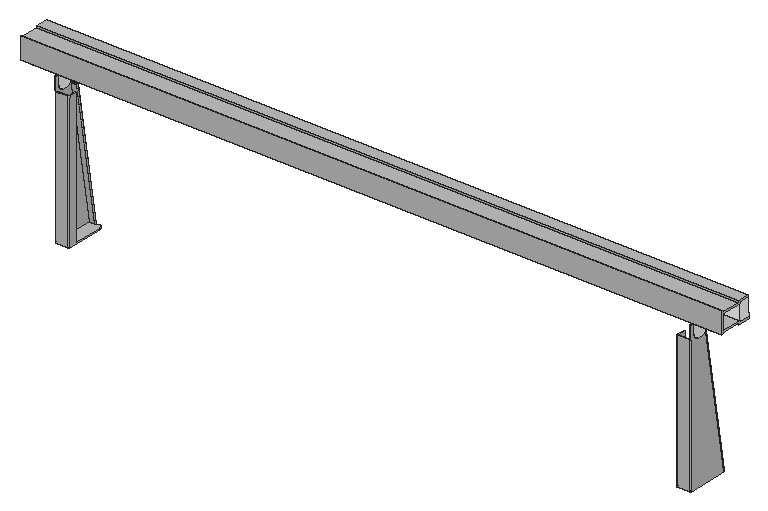
Revit family "4070764+4070746+4070772 Feilo Sylvania Lighting Fixture CURSUS 1161MM 731LM WIDE LED 3K with CONTINUOUS WALL HOUSING with 250MM WALL BRACKET", category Lighting Fixtures, host Face, Revit 2017
Family settings
  Host = Face
  Round Connector Dimension = Use Diameter
  Part Type = Normal
  OmniClass Number = 23.80.70.14
  OmniClass Title = Luminaries for External Lighting
  Cut with Voids When Loaded = Yes
  Light Source = No
  Shared = No
  Room Calculation Point = No
Parameters (values of type "4070764 CURSUS 1161MM 731LM WIDE LED 3K")
  Weight = "2.2 kg"
  Wattage Comments = "n/a"
  WarrantyStartDate [instance] = "n/a"
  WarrantyGuarantorParts = "n/a"
  WarrantyDurationUnit = "n/a"
  WarrantyDurationParts = "n/a"
  WarrantyDescription = "n/a"
  Voltage = 230 V
  URL = "http://www.sylvania-lighting.com"
  TypeName = "CURSUS 1161MM 731LM WIDE LED 3K"
  TypeFixture_FEILO = CURSUS with CONTINUOUS WALL HOUSING : CURSUS 1161MM 731LM WIDE LED 3K
  Type Image = <None>
  Type Comments = "n/a"
  TiltAngle [instance] = 0.00°
  StartAngle [instance] = TiltAngle + 270.00°  # 270.00°
  SerialNumber [instance] = "n/a"
  ReflectorMaterial = none
  PowerFactor = 0
  PowerConsumption = "18 W"
  NominalLength = 1161 mm
  NominalHeight = 50 mm
  NominalDepth = 30 mm
  Name = "CURSUS 1161MM 731LM WIDE LED 3K"
  ModelReference = Name  # "CURSUS 1161MM 731LM WIDE LED 3K"
  ModelNumber = "4070764"
  Model = Name  # "CURSUS 1161MM 731LM WIDE LED 3K"
  Material = "natural anodised extruded aluminium structure housing"
  ManufacturerName = "Feilo Sylvania"
  Manufacturer = "Feilo Sylvania"
  LuminousEfficacy = "40.61 lm/W"
  LuminaireType = ""
  LightOutputRatio = "100"
  LampsType = Lamp  # "LED"
  LampNominalLuminous = "731 lm"
  LampMacAdamStep = "n/a"
  LampColourTemperature = "3000 K"
  LampColourRenderingIndex = "80"
  Lamp = "LED"
  Keynote = "16500"
  InstallationDate [instance] = "n/a"
  InputVoltage = "220-240V~"
  InputNominalFrequency = "n/a"
  IngressProtection = "IP67"
  ImpactProtectionIndex = "IK07"
  IfcExportType = "IfcLightFixtureType"
  IfcExportAs = "IfcLightFixtureType"
  ExpectedLife = 50000
  EndAngle [instance] = StartAngle - 180.00°  # 90.00°
  ElectricShockClassification = "Class III"
  DurationUnit = "hours"
  DocumentationLiterature = "http://www.sylvania-lighting.com/product/en-int/products/4070764"
  DimmingControlOptions = "n/a"
  DiffuserMaterial = Diffuser-Sylvania-Glow
  Description = "LED Exterior Lighting Recessed Surface Mounted Linear Fixture, Natural anodised extruded aluminium structure. Die-cast aluminium end caps. Installation kit with harmonic steel springs., 731 lm, 18W, 40lm/W, 3000K, CRI80+,non dimmable,IP67, IK07, (HxWxD) 1161x50x30mm, 3 step Mac Adam Ellipse, 2.2kg,, Classe III, 21-25V-DC, energy class : A++, A+, A"
  Default Elevation = 1219.2 mm
  CreatedOn = "1/8/2018"
  CreatedBy = ""
  Cost = 0
  built-in parameter 1114216 [instance] = (empty or 0)
  ClassificationValue = "EF_70_80"
  ClassificationName = "Uniclass2015"
  BracketWidth = 24 mm
  BracketThickness = 2 mm
  BracketHeightEnd = 32 mm
  BracketHeight = 70 mm
  BracketFlange = BracketHeight / 5  # 14 mm
  BracketExtension = 250 mm
  BracketEndReduction = 25 mm
  BracketC = 22 mm  # constant formula
  BracketDistance = 1030 mm
  BracketD = BracketHeightEnd - (BracketC * (BracketHeight - BracketHeightEnd) / (BracketExtension - BracketEndReduction))  # 28.284 mm
  BodyMaterial = Body-Sylvania-Gray
  BarCode [instance] = "n/a"
  AssetType = "Fixed"
  AssetIdentifier [instance] = "n/a"
  Assembly Code = "D5020200"
  Apparent Load = 18 VA
  AccessoryMaterial = Diffuser-Sylvania-Glow
Reference planes
  plane 1 "Center (Front/Back)": y = 0
  plane 2: z = 0
  plane 3 "Center (Left/Right)": x = 0
  plane 4: x = -527
  plane 5: x = 527
  plane 6: y = 70
  plane 7: x = -503
  plane 8: x = 503
  plane 9: z = 250
  plane 10: z = 236
  plane 11: z = 2
  plane 12: z = 225
  plane 13: x = -525
  plane 14: y = 68
  plane 15: y = 2
  plane 16: x = -505
  plane 17: x = 505
  plane 18: x = 525
  plane 19: x = -515
  plane 20: x = 515
  plane 21: y = 14
  plane 22: y = 32
  plane 23: y = 30
  plane 24: z = 247
  plane 25: y = 28.284
  plane 26: y = 16
Forms (mm)
  Blend 1, solid, material "Body-Sylvania-Gray" <- "BodyMaterial"
    base sketch origin (1223.4, -4572, 2) x (0, -1, 0) y (1, 0, 0)
      loop
        line (-4640, -1738.4) -> (-4642, -1738.4) -> (-4642, -1748.4)
        arc (-4642, -1748.4) -> (-4641.414, -1749.814) -> (-4640, -1750.4) r 2
        line (-4640, -1750.4) -> (-4574, -1750.4)
        arc (-4574, -1750.4) -> (-4572.586, -1749.814) -> (-4572, -1748.4) r 2
        line (-4572, -1748.4) -> (-4572, -1728.4)
        arc (-4572, -1728.4) -> (-4572.586, -1726.986) -> (-4574, -1726.4) r 2
        line (-4574, -1726.4) -> (-4586, -1726.4) -> (-4586, -1728.4) -> (-4574, -1728.4) -> (-4574, -1748.4) -> (-4640, -1748.4) -> (-4640, -1738.4)
    top sketch origin (1223.4, -4572, 2) x (0, -1, 0) y (1, 0, 0)
      loop
        line (-4586, -1728.4) -> (-4574, -1728.4) -> (-4574, -1748.4) -> (-4602, -1748.4) -> (-4602, -1738.4) -> (-4604, -1738.4) -> (-4604, -1748.4)
        arc (-4604, -1748.4) -> (-4603.52, -1749.71) -> (-4602.309, -1750.4) r 2.028
        line (-4602.309, -1750.4) -> (-4574, -1750.4)
        arc (-4574, -1750.4) -> (-4572.586, -1749.814) -> (-4572, -1748.4) r 2
        line (-4572, -1748.4) -> (-4572, -1728.4)
        arc (-4572, -1728.4) -> (-4572.586, -1726.986) -> (-4574, -1726.4) r 2
        line (-4574, -1726.4) -> (-4586, -1726.4) -> (-4586, -1728.4)
    from 0 to 223
  Extrusion 2, solid, material "Body-Sylvania-Gray" <- "BodyMaterial"
    sketch origin (0, 0, 0) x (1, 0, 0) y (0, 1, 0)
      loop
        arc (-525, 70) -> (-526.414, 69.414) -> (-527, 68) r 2
        line (-527, 68) -> (-527, 2)
        arc (-527, 2) -> (-526.414, 0.586) -> (-525, 0) r 2
        line (-525, 0) -> (-505, 0)
        arc (-505, 0) -> (-503.586, 0.586) -> (-503, 2) r 2
        line (-503, 2) -> (-503, 62.5)
        arc (-503, 62.5) -> (-505.197, 67.803) -> (-510.5, 70) r 7.5
        line (-510.5, 70) -> (-525, 70)
      loop
        line (525, 70) -> (510.5, 70)
        arc (510.5, 70) -> (505.197, 67.803) -> (503, 62.5) r 7.5
        line (503, 62.5) -> (503, 2)
        arc (503, 2) -> (503.586, 0.586) -> (505, 0) r 2
        line (505, 0) -> (525, 0)
        arc (525, 0) -> (526.414, 0.586) -> (527, 2) r 2
        line (527, 2) -> (527, 68)
        arc (527, 68) -> (526.414, 69.414) -> (525, 70) r 2
    from 0 to 2
  Blend 3, solid, material "Body-Sylvania-Gray" <- "BodyMaterial"
    base sketch origin (1223.4, -4572, 2) x (0, -1, 0) y (1, 0, 0)
      loop
        line (-4640, -698.4) -> (-4574, -698.4) -> (-4574, -718.4) -> (-4586, -718.4) -> (-4586, -720.4) -> (-4574, -720.4)
        arc (-4574, -720.4) -> (-4572.586, -719.814) -> (-4572, -718.4) r 2
        line (-4572, -718.4) -> (-4572, -698.4)
        arc (-4572, -698.4) -> (-4572.586, -696.986) -> (-4574, -696.4) r 2
        line (-4574, -696.4) -> (-4640, -696.4)
        arc (-4640, -696.4) -> (-4641.414, -696.986) -> (-4642, -698.4) r 2
        line (-4642, -698.4) -> (-4642, -708.4) -> (-4640, -708.4) -> (-4640, -698.4)
    top sketch origin (1223.4, -4572, 2) x (0, -1, 0) y (1, 0, 0)
      loop
        line (-4602, -708.4) -> (-4602, -698.4) -> (-4574, -698.4) -> (-4574, -718.4) -> (-4586, -718.4) -> (-4586, -720.4) -> (-4574, -720.4)
        arc (-4574, -720.4) -> (-4572.586, -719.814) -> (-4572, -718.4) r 2
        line (-4572, -718.4) -> (-4572, -698.4)
        arc (-4572, -698.4) -> (-4572.586, -696.986) -> (-4574, -696.4) r 2
        line (-4574, -696.4) -> (-4602, -696.4)
        arc (-4602, -696.4) -> (-4603.414, -696.986) -> (-4604, -698.4) r 2
        line (-4604, -698.4) -> (-4604, -708.4) -> (-4602, -708.4)
    from 0 to 223
  Blend 4, solid, material "Body-Sylvania-Gray" <- "BodyMaterial"
    base sketch origin (1223.4, -4572, 225) x (0, -1, 0) y (1, 0, 0)
      loop
        line (-4604, -1750.4) -> (-4572, -1750.4) -> (-4572, -1748.4) -> (-4604, -1748.4) -> (-4604, -1750.4)
    top sketch origin (1223.4, -4572, 225) x (0, -1, 0) y (1, 0, 0)
      loop
        line (-4572, -1750.4) -> (-4572, -1748.4) -> (-4600.284, -1748.4) -> (-4600.284, -1750.4) -> (-4572, -1750.4)
    from 0 to 22
  Blend 5, solid, material "Body-Sylvania-Gray" <- "BodyMaterial"
    base sketch origin (1223.4, -4572, 225) x (0, -1, 0) y (1, 0, 0)
      loop
        line (-4604, -698.4) -> (-4572, -698.4) -> (-4572, -696.4) -> (-4604, -696.4) -> (-4604, -698.4)
    top sketch origin (1223.4, -4572, 225) x (0, -1, 0) y (1, 0, 0)
      loop
        line (-4572, -696.4) -> (-4600.284, -696.4) -> (-4600.284, -698.4) -> (-4572, -698.4) -> (-4572, -696.4)
    from 0 to 22
  Extrusion 6, void
    sketch origin (0, 0, 0) x (0, 1, 0) y (0, 0, 1)
      loop
        line (0, 225) -> (2, 225) -> (2, 226.5) -> (0, 226.5) -> (0, 225)
      loop
        line (32, 225) -> (32, 226.5) -> (30, 226.5) -> (30, 225) -> (32, 225)
    from -527 to 527
  Revolve 7, solid, not visible
    sketch origin (1524, 16, 1219.2) x (1, 0, 0) y (0, 0, 1)
      loop
        line (-1524, -972.2) -> (-1524, -983.2) -> (-1009, -983.2) -> (-1009, -972.2) -> (-1524, -972.2)
      axis (-1009, -983.2) -> (-1524, -983.2)
    angle from 270 <- "StartAngle" to 90 <- "EndAngle"
Cuts and joins
  Extrusion 6 cuts Blend 4
  Extrusion 6 cuts Blend 5
  joined: Blend 1, Extrusion 2, Blend 3, Blend 4, Blend 5
Lines and regions (mm)
  reference lines, not visible
    curve 1: line (-503, 16, 236) -> (503, 16, 236)
Dimensions and locks
  equal spacing: plane 4, plane 3 "Center (Left/Right)", plane 5
  "BracketDistance": plane 19 to plane 20
  "BracketHeight": plane 1 "Center (Front/Back)" to plane 6
  equal spacing: plane 7, plane 3 "Center (Left/Right)", plane 8
  "BracketWidth": plane 4 to plane 7
  "BracketExtension": plane 9 to plane 2
  "BracketThickness": plane 11 to plane 2
  "BracketEndReduction": plane 9 to plane 12
  equal spacing: plane 13, plane 3 "Center (Left/Right)", plane 18
  equal spacing: plane 16, plane 3 "Center (Left/Right)", plane 17
  "BracketThickness": plane 4 to plane 13
  "BracketThickness": plane 16 to plane 7
  "BracketThickness": plane 14 to plane 6
  "BracketThickness": plane 1 "Center (Front/Back)" to plane 15
  equal spacing: plane 4, plane 19, plane 7
  equal spacing: plane 8, plane 20, plane 5
  "BracketFlange": plane 1 "Center (Front/Back)" to plane 21
  "BracketHeightEnd": plane 1 "Center (Front/Back)" to plane 22
  "BracketThickness": plane 23 to plane 22
  locked: Extrusion 2 sketch curve to plane 7 at 7.5
  locked: Extrusion 2 sketch curve to plane 6 at 7.5  (x2)
  locked: plane 8 to Extrusion 2 sketch curve at 7.5
  "BracketC": plane 24 to plane 12
  "BracketD": plane 1 "Center (Front/Back)" to plane 25
  locked: plane 12 to Extrusion 6 sketch curve at 1.5
  equal spacing: plane 24, plane 10, plane 12
  equal spacing: plane 1 "Center (Front/Back)", plane 26, plane 22
  aligned and locked: plane 2 to host face
  aligned and locked: level to host face
  aligned and locked: plane 4 to Blend 1 sketch curve  (x2)
  aligned and locked: plane 13 to Blend 1 sketch curve  (x3)
  aligned and locked: Blend 1 sketch curve to plane 15
  aligned and locked: Blend 1 sketch curve to plane 16
  aligned and locked: Blend 1 sketch curve to plane 21
  aligned and locked: plane 7 to Blend 1 sketch curve
  aligned and locked: plane 16 to Blend 1 sketch curve
  aligned and locked: plane 1 "Center (Front/Back)" to Blend 1 sketch curve
  aligned and locked: plane 14 to Blend 1 sketch curve
  aligned and locked: Blend 1 sketch curve to var sketch  (x6)
  aligned and locked: Blend 1 sketch curve to plane 19
  aligned and locked: Blend 1 sketch curve to plane 22
  aligned and locked: plane 23 to Blend 1 sketch curve
  aligned and locked: plane 11 to Blend 1
  aligned and locked: Extrusion 2 sketch curve to Blend 1  (x3)
  aligned and locked: Extrusion 2 to level
  aligned and locked: Extrusion 2 to plane 11
  aligned and locked: Extrusion 2 sketch curve to plane 7
  aligned and locked: plane 18 to Blend 3 sketch curve  (x4)
  aligned and locked: plane 14 to Blend 3 sketch curve  (x2)
  aligned and locked: Blend 3 sketch curve to plane 20
  aligned and locked: Blend 3 sketch curve to plane 6
  aligned and locked: plane 5 to Blend 3 sketch curve
  aligned and locked: plane 1 "Center (Front/Back)" to Blend 3 sketch curve
  aligned and locked: plane 15 to Blend 3 sketch curve  (x2)
  aligned and locked: Blend 3 sketch curve to plane 8
  aligned and locked: Blend 3 sketch curve to plane 21
  aligned and locked: plane 17 to Blend 3 sketch curve
  aligned and locked: Blend 3 sketch curve to plane 18
  aligned and locked: plane 20 to Blend 3 sketch curve  (x2)
  aligned and locked: Blend 3 sketch curve to plane 23
  aligned and locked: Blend 3 sketch curve to var sketch  (x8)
  aligned and locked: var sketch to Blend 3 sketch curve
  aligned and locked: plane 22 to Blend 3 sketch curve
  aligned and locked: plane 11 to Blend 3
  aligned and locked: Extrusion 2 sketch curve to Blend 3  (x4)
  aligned and locked: Blend 1 to plane 12
  aligned and locked: Blend 3 to plane 12
  aligned and locked: Blend 4 sketch curve to plane 22
  aligned and locked: Blend 4 sketch curve to cut or joined group of Blend 1, Extrusion 2, Blend 3, Blend 4, Blend 5, Extrusion 6  (x2)
  aligned and locked: cut or joined group of Blend 1, Extrusion 2, Blend 3, Blend 4, Blend 5, Extrusion 6 to Blend 4 sketch curve
  aligned and locked: Blend 4 sketch curve to var sketch  (x2)
  aligned and locked: Blend 4 sketch curve to plane 13
  aligned and locked: Blend 4 to plane 24
  aligned and locked: Blend 4 sketch curve to plane 25
  aligned and locked: Blend 5 sketch curve to plane 18  (x2)
  aligned and locked: plane 1 "Center (Front/Back)" to Blend 5 sketch curve
  aligned and locked: plane 5 to Blend 5 sketch curve
  aligned and locked: plane 22 to Blend 5 sketch curve
  aligned and locked: Blend 5 sketch curve to var sketch
  aligned and locked: var sketch to Blend 5 sketch curve
  aligned and locked: Blend 5 sketch curve to plane 25
  aligned and locked: Blend 5 to plane 24
  aligned and locked: plane 12 to Blend 5
  aligned and locked: Extrusion 6 sketch curve to cut or joined group of Blend 1, Extrusion 2, Blend 3, Blend 4, Blend 5, Extrusion 6  (x2)
  aligned and locked: Extrusion 6 sketch curve to Extrusion 6 sketch curve
  aligned and locked: Extrusion 6 sketch curve to plane 15
  aligned and locked: plane 5 to Extrusion 6
  aligned and locked: Extrusion 6 to plane 4
  aligned and locked: Extrusion 6 sketch curve to plane 23
  aligned and locked: Revolve 7 sketch curve to plane 10  (x2)
  aligned and locked: plane 24 to Revolve 7 sketch curve
  aligned and locked: plane 3 "Center (Left/Right)" to Revolve 7 sketch curve
  aligned and locked: Revolve 7 sketch curve to plane 20
  aligned and locked: plane 7 to curve 1
  aligned and locked: plane 10 to curve 1
  aligned and locked: nested 1 to plane 5
  aligned and locked: nested 2 to plane 4
  aligned and locked: nested 1 to curve 1
  aligned and locked: nested 2 to curve 1
  aligned and locked: nested 3 to plane 3 "Center (Left/Right)"
  aligned and locked: nested 1 to nested 3
Automatic sketch dimensions
  host sketch curve to host sketch curve = 2438.4 mm  (x2)
  Blend 1 sketch curve to plane 13 = 0 mm
  plane 15 to Blend 1 sketch curve = 0 mm  (x3)
  Blend 1 sketch curve to plane 23 = 0.309 mm
  plane 6 to Blend 1 sketch curve = 0 mm
  plane 14 to Blend 1 sketch curve = 0 mm
  Blend 1 sketch curve to plane 19 = 0 mm
  Blend 3 sketch curve to plane 17 = 0 mm
  Extrusion 6 sketch curve to plane 1 "Center (Front/Back)" = 0 mm
  plane 12 to Extrusion 6 sketch curve = 0 mm
  Revolve 7 sketch curve to plane 4 = 1153 mm
  plane 5 to Revolve 7 sketch curve = 1161.4 mm
  curve 1 to plane 8 = 0 mm
Nested families
  nested 1: "MountingPlate" at (526, 16, 236) x (-1, 0, 0) z (0, 0, 1), type "MountingPlate"
  nested 2: "MountingPlate" at (-526, 16, 236) x (-1, 0, 0) z (0, 0, 1), type "MountingPlate"
  nested 3: "CURSUS with CONTINUOUS WALL HOUSING" at (0, -4, 254) x (-1, 0, 0) z (0, 0, 1), type <- "TypeFixture_FEILO", type "CURSUS 1161MM 731LM WIDE LED 3K"
    with WarrantyStartDate "n/a", SerialNumber "n/a", InstallationDate "n/a", EndCapRight no, EndCapLeft no, built-in parameter 1114216 (empty or 0), BarCode "n/a", AssetIdentifier "n/a"
Connectors
  electrical at (0, 0, 0), driven by "Voltage", driven by "Apparent Load", driven by "PowerFactor"
    settings: index 1, voltage 230 V, apparent load 18 VA, apparent load phase1 0 VA, apparent load phase2 0 VA, apparent load phase3 0 VA, power factor 0, load classification "Other", number of poles 1, system type 30, power factor state 1, is connector primary yes, connector utility no, sub classification motor no, connector description ""
Definition of nested family "MountingPlate"
  Parameters (values of type "MountingPlate")
    URL = "http://www.feilosylvania.com"
    Type Comments = "n/a"
    ReflectorMaterial = none
    MountingPlateWidth = 76 mm
    MountingPlateThickness = 2 mm
    MountingPlateRadiusBack = 12 mm
    MountingPlateRadius = 3 mm
    MountingPlateHeight = 35 mm
    Model = "n/a"
    Manufacturer = "Feilo Sylvania"
    Keynote = "n/a"
    DiffuserMaterial = none
    Description = "n/a"
    Default Elevation = 1219.2 mm
    Cost = 0
    BodyMaterial = none
    Assembly Code = "n/a"
    AccessoryMaterial = none
  Reference planes
    plane 1 "Center (Front/Back)": y = 0
    plane 2: z = 0
    plane 3 "Center (Left/Right)": x = 0
    plane 4: x = -38
    plane 5: x = 38
    plane 6: y = 17.5
    plane 7: y = -17.5
    plane 8: x = -3
    plane 9: x = 3
    plane 10: z = 18
    plane 11: z = 16
    plane 12: y = 12.5
    plane 13: y = -12.5
    plane 14: x = -1
    plane 15: x = 1
    plane 16: z = -12.5
    plane 17: z = -14.5
  Forms (mm)
    Extrusion 1, solid
      sketch origin (1.653, 0, 0) x (1, 0, 0) y (0, 1, 0)
        loop
          line (-1219.2, 1219.2) -> (-1219.2, -1219.2) -> (1219.2, -1219.2) -> (1219.2, 1219.2) -> (-1219.2, 1219.2)
      from 0 to -304.8
    Extrusion 2, solid, material <- "BodyMaterial"
      sketch origin (1218.4, -4572, 16) x (0, -1, 0) y (-1, 0, 0)
        loop
          line (-4589.5, 1253.4) -> (-4589.5, 1224.4)
          arc (-4589.5, 1224.4) -> (-4588.621, 1222.279) -> (-4586.5, 1221.4) r 3
          line (-4586.5, 1221.4) -> (-4557.5, 1221.4)
          arc (-4557.5, 1221.4) -> (-4555.379, 1222.279) -> (-4554.5, 1224.4) r 3
          line (-4554.5, 1224.4) -> (-4554.5, 1253.4)
          arc (-4554.5, 1253.4) -> (-4555.379, 1255.521) -> (-4557.5, 1256.4) r 3
          line (-4557.5, 1256.4) -> (-4586.5, 1256.4)
          arc (-4586.5, 1256.4) -> (-4588.621, 1255.521) -> (-4589.5, 1253.4) r 3
        loop
          arc (-4589.5, 1183.4) -> (-4588.621, 1181.279) -> (-4586.5, 1180.4) r 3
          line (-4586.5, 1180.4) -> (-4557.5, 1180.4)
          arc (-4557.5, 1180.4) -> (-4555.379, 1181.279) -> (-4554.5, 1183.4) r 3
          line (-4554.5, 1183.4) -> (-4554.5, 1212.4)
          arc (-4554.5, 1212.4) -> (-4555.379, 1214.521) -> (-4557.5, 1215.4) r 3
          line (-4557.5, 1215.4) -> (-4586.5, 1215.4)
          arc (-4586.5, 1215.4) -> (-4588.621, 1214.521) -> (-4589.5, 1212.4) r 3
          line (-4589.5, 1212.4) -> (-4589.5, 1183.4)
      from 0 to -2
    Extrusion 3, solid, material <- "BodyMaterial"
      sketch origin (0, 0, 0) x (1, 0, 0) y (0, 0, 1)
        loop
          line (-3, 18) -> (-3, -12.5) -> (-1, -12.5) -> (-1, 16)
          arc (-1, 16) -> (-1.586, 17.414) -> (-3, 18) r 2
        loop
          line (3, -12.5) -> (3, 18)
          arc (3, 18) -> (1.586, 17.414) -> (1, 16) r 2
          line (1, 16) -> (1, -12.5) -> (3, -12.5)
      from -12.5 to 12.5
    Extrusion 4, void
      sketch origin (0, 0, 0) x (0, 1, 0) y (0, 0, 1)
        loop
          line (-12.5, -0.5) -> (-17.5, -0.5) -> (-17.5, -14.5) -> (-0.5, -14.5) -> (-0.5, -12.5)
          arc (-0.5, -12.5) -> (-8.985, -8.985) -> (-12.5, -0.5) r 12
        loop
          line (0.5, -12.5) -> (0.5, -14.5) -> (17.5, -14.5) -> (17.5, -0.5) -> (12.5, -0.5)
          arc (12.5, -0.5) -> (8.985, -8.985) -> (0.5, -12.5) r 12
      from -3 to 3
  Cuts and joins
    Extrusion 4 cuts Extrusion 2
    Extrusion 4 cuts Extrusion 3
    joined: Extrusion 2, Extrusion 3
  Lines and regions (mm)
    reference lines
      curve 1: line (-38, 0, 0) -> (38, 0, 0)
  Dimensions and locks
    equal spacing: plane 4, plane 3 "Center (Left/Right)", plane 5
    "MountingPlateWidth": plane 4 to plane 5
    equal spacing: plane 7, plane 1 "Center (Front/Back)", plane 6
    "MountingPlateHeight": plane 7 to plane 6
    equal spacing: plane 8, plane 3 "Center (Left/Right)", plane 9
    "MountingPlateHeight": plane 4 to plane 8
    locked: plane 10 to plane 2 at 18
    "MountingPlateThickness": plane 10 to plane 11
    equal spacing: plane 13, plane 1 "Center (Front/Back)", plane 12
    locked: plane 13 to plane 12 at 25
    "MountingPlateRadius": plane 4 to Extrusion 2 sketch curve  (x2)
    "MountingPlateRadius": Extrusion 2 sketch curve to plane 6  (x4)
    "MountingPlateRadius": Extrusion 2 sketch curve to plane 8  (x2)
    "MountingPlateRadius": plane 7 to Extrusion 2 sketch curve  (x4)
    "MountingPlateRadius": plane 9 to Extrusion 2 sketch curve  (x2)
    "MountingPlateRadius": Extrusion 2 sketch curve to plane 5  (x2)
    equal spacing: plane 15, plane 3 "Center (Left/Right)", plane 14
    "MountingPlateThickness": plane 14 to plane 8
    locked: plane 2 to plane 16 at 12.5
    locked: plane 17 to plane 16 at 2
    "MountingPlateRadiusBack": plane 13 to Extrusion 4 sketch curve
    "MountingPlateRadiusBack": plane 16 to Extrusion 4 sketch curve  (x2)
    "MountingPlateRadiusBack": Extrusion 4 sketch curve to plane 12
    aligned and locked: plane 2 to Extrusion 1
    aligned and locked: level to Extrusion 1
    aligned and locked: Extrusion 2 sketch curve to plane 6
    aligned and locked: Extrusion 2 sketch curve to plane 4
    aligned and locked: plane 7 to Extrusion 2 sketch curve
    aligned and locked: plane 8 to Extrusion 2 sketch curve
    aligned and locked: plane 6 to Extrusion 2 sketch curve
    aligned and locked: Extrusion 2 sketch curve to plane 5
    aligned and locked: Extrusion 2 sketch curve to plane 7
    aligned and locked: plane 9 to Extrusion 2 sketch curve
    aligned and locked: Extrusion 2 to plane 10
    aligned and locked: plane 11 to Extrusion 2
    aligned and locked: Extrusion 3 sketch curve to Extrusion 2  (x2)
    aligned and locked: plane 16 to Extrusion 3 sketch curve  (x2)
    aligned and locked: plane 14 to Extrusion 3 sketch curve
    aligned and locked: plane 9 to Extrusion 3 sketch curve
    aligned and locked: plane 15 to Extrusion 3 sketch curve
    aligned and locked: Extrusion 3 to plane 12
    aligned and locked: plane 13 to Extrusion 3
    aligned and locked: plane 17 to Extrusion 4 sketch curve  (x2)
    aligned and locked: Extrusion 4 sketch curve to plane 7
    aligned and locked: Extrusion 4 sketch curve to plane 6
    aligned and locked: plane 9 to Extrusion 4
    aligned and locked: Extrusion 4 to plane 8
    aligned and locked: plane 4 to curve 1
    aligned and locked: curve 1 to level
  Automatic sketch dimensions
    Extrusion 1 sketch curve to Extrusion 1 sketch curve = 2438.4 mm  (x2)
    Extrusion 3 sketch curve to plane 11 = 0 mm
    curve 1 to plane 5 = 0 mm
    Extrusion 4 sketch curve to plane 13 = 0 mm
    Extrusion 4 sketch curve to plane 12 = 0 mm
Definition of nested family "CURSUS with CONTINUOUS WALL HOUSING"
  Parameters (values of type "CURSUS 1161MM 827LM OVAL LED 3K")
    Width_FEILO = 35 mm
    Weight = "2.2 kg"
    Wattage Comments = "n/a"
    Wattage = 18 W
    WarrantyStartDate [instance] = "n/a"
    WarrantyGuarantorParts = "n/a"
    WarrantyDurationUnit = "n/a"
    WarrantyDurationParts = "n/a"
    WarrantyDescription = "n/a"
    WallThickness_FEILO = 2.5 mm
    built-in parameter 1150110 = 1 (stored number, unit not read)
    Voltage = 24 V
    URL = "http://www.feilosylvania.com"
    TypeName = "CURSUS 1161MM 827LM OVAL LED 3K"
    Type Image = (empty or 0)
    Type Comments = "n/a"
    built-in parameter 1114217 = 1 (stored number, unit not read)
    Tilt Angle = -90.00°
    built-in parameter 1150109 = 1 (stored number, unit not read)
    built-in parameter 1150134 = (empty or 0)
    built-in parameter 1150113 = 1 (stored number, unit not read)
    SerialNumber [instance] = "n/a"
    ReflectorMaterial = none
    PowerFactor = 0
    PowerConsumption = "18 W"
    Photometric Web File = "4070765.ies"
    NominalLength = 1161 mm
    NominalHeight = 50 mm
    NominalDepth = 30 mm
    Name = "CURSUS 1161MM 827LM OVAL LED 3K"
    ModelReference = Name  # "CURSUS 1161MM 827LM OVAL LED 3K"
    ModelNumber = ""
    Model = Name  # "CURSUS 1161MM 827LM OVAL LED 3K"
    Material = "natural anodised extruded aluminium structure housing, optical system with pmma lenses diffuser"
    ManufacturerName = "Feilo Sylvania"
    Manufacturer = "Feilo Sylvania"
    LuminousEfficacy = "45.94 lm/W"
    built-in parameter 1150105 = 65.811 (stored number, unit not read)
    Lumens = 827 lm
    LuminaireType = ""
    built-in parameter 1150115 = 1 (stored number, unit not read)
    LightOutputRatio = "100"
    built-in parameter 1150137 = (empty or 0)
    built-in parameter 1150139 = (empty or 0)
    Length_FEILO = 1167 mm
    LampsType = Lamp  # "LED"
    LampNominalLuminous = "827 lm"
    LampMacAdamStep = "n/a"
    LampColourTemperature = "3000 K"
    LampColourRenderingIndex = "80"
    built-in parameter 1150112 = 1 (stored number, unit not read)
    built-in parameter 1150114 = 1 (stored number, unit not read)
    Lamp = "LED"
    Keynote = "16500"
    InstallationDate [instance] = "n/a"
    InputVoltage = "24V DC"
    InputNominalFrequency = "n/a"
    built-in parameter 1150132 = (empty or 0)
    built-in parameter 1150102 = (empty or 0)
    built-in parameter 1150107 = 3000 (stored number, unit not read)
    built-in parameter 1150138 = (empty or 0)
    IngressProtection = "IP67"
    ImpactProtectionIndex = "IK07"
    built-in parameter 1150106 = 0.65811 (stored number, unit not read)
    IfcExportType = "IfcLightFixtureType"
    IfcExportAs = "IfcLightFixtureType"
    ExpectedLife = 50000
    EndCapRight [instance] = no
    EndCapLeft [instance] = no
    Emit from Rectangle Width = Width_FEILO - WallThickness_FEILO * 2  # 30 mm
    Emit from Rectangle Length = Length_FEILO - WallThickness_FEILO * 2  # 1162 mm
    Emit Shape Visible in Rendering = no
    ElectricShockClassification = "Class III"
    built-in parameter 1150104 = 4.2684 (stored number, unit not read)
    DurationUnit = "hours"
    DocumentationLiterature = "http://www.feilosylvania.com/product/en-int/products/4070765"
    DimmingControlOptions = "n/a"
    Dimming Lamp Color Temperature Shift = (empty or 0)
    DiffuserMaterial = none
    Description = "LED Exterior Lighting Recessed Surface Mounted Linear Fixture, Natural anodised extruded aluminium structure. Die-cast aluminium end caps. Installation kit with harmonic steel springs., 827 lm, 18W, 45lm/W, 3000K, CRI80+,non dimmable,IP67, IK07, (HxWxD) 1161x50x30mm, 3 step Mac Adam Ellipse, 2.2kg,, Classe III, 21-25V-DC, energy class : A++, A+, A"
    Default Elevation = 1219.2 mm
    CreatedOn = "1/8/2018"
    CreatedBy = "aron.fodor@feilosylvania.com"
    Cost = 0
    Color Filter = 16777215
    built-in parameter 1114216 [instance] = (empty or 0)
    ClassificationValue = "EF_70_80"
    ClassificationName = "Uniclass2015"
    BodyMaterial = none
    BarCode [instance] = "n/a"
    built-in parameter 1114218 = 1 (stored number, unit not read)
    built-in parameter 1150133 = 10 (stored number, unit not read)
    AssetType = "Fixed"
    AssetIdentifier [instance] = "n/a"
    Assembly Code = "D5020200"
    Apparent Load = 18 VA
    AccessoryMaterial = none
  Types (16, lengths in mm): name | Weight | Wattage | Voltage | TypeName | built-in parameter 1150134 | PowerConsumption | Photometric Web File | NominalLength | Name | ModelReference | Model | Material | LuminousEfficacy | built-in parameter 1150105 | Lumens | Length_FEILO | LampNominalLuminous | LampColourTemperature | InputVoltage | InputNominalFrequency | built-in parameter 1150107 | built-in parameter 1150106 | Emit from Rectangle Length | built-in parameter 1150104 | DocumentationLiterature | Description | Apparent Load
    CURSUS 1161MM 827LM OVAL LED 3K | "2.2 kg" | 18 W | 24 V | "CURSUS 1161MM 827LM OVAL LED 3K" | (empty or 0) | "18 W" | "4070765.ies" | 1161 | "CURSUS 1161MM 827LM OVAL LED 3K" | "CURSUS 1161MM 827LM OVAL LED 3K" | "CURSUS 1161MM 827LM OVAL LED 3K" | "natural anodised extruded aluminium structure housing, optical system with pmma lenses diffuser" | "45.94 lm/W" | 65.811 (stored number, unit not read) | 827 lm | 1167 | "827 lm" | "3000 K" | "24V DC" | "n/a" | 3000 (stored number, unit not read) | 0.65811 (stored number, unit not read) | 1162 | 4.2684 (stored number, unit not read) | "http://www.feilosylvania.com/product/en-int/products/4070765" | "LED Exterior Lighting Recessed Surface Mounted Linear Fixture, Natural anodised extruded aluminium structure. Die-cast aluminium end caps. Installation kit with harmonic steel springs., 827 lm, 18W, 45lm/W, 3000K, CRI80+,non dimmable,IP67, IK07, (HxWxD) 1161x50x30mm, 3 step Mac Adam Ellipse, 2.2kg,, Classe III, 21-25V-DC, energy class : A++, A+, A" | 18 VA
    CURSUS 1161MM 731LM WIDE LED 3K | "2.2 kg" | 18 W | 230 V | "CURSUS 1161MM 731LM WIDE LED 3K" | (empty or 0) | "18 W" | "4070764.ies" | 1161 | "CURSUS 1161MM 731LM WIDE LED 3K" | "CURSUS 1161MM 731LM WIDE LED 3K" | "CURSUS 1161MM 731LM WIDE LED 3K" | "natural anodised extruded aluminium structure housing" | "40.61 lm/W" | 58.171 (stored number, unit not read) | 731 lm | 1167 | "731 lm" | "3000 K" | "220-240V~" | "n/a" | 3000 (stored number, unit not read) | 0.58171 (stored number, unit not read) | 1162 | 3.7729 (stored number, unit not read) | "http://www.feilosylvania.com/product/en-int/products/4070764" | "LED Exterior Lighting Recessed Surface Mounted Linear Fixture, Natural anodised extruded aluminium structure. Die-cast aluminium end caps. Installation kit with harmonic steel springs., 731 lm, 18W, 40lm/W, 3000K, CRI80+,non dimmable,IP67, IK07, (HxWxD) 1161x50x30mm, 3 step Mac Adam Ellipse, 2.2kg,, Classe III, 21-25V-DC, energy class : A++, A+, A" | 18 VA
    CURSUS 1161MM 871LM OVAL LED 4K | "2.2 kg" | 18 W | 24 V | "CURSUS 1161MM 871LM OVAL LED 4K" | 12 | "18 W" | "4070763.ies" | 1161 | "CURSUS 1161MM 871LM OVAL LED 4K" | "CURSUS 1161MM 871LM OVAL LED 4K" | "CURSUS 1161MM 871LM OVAL LED 4K" | "natural anodised extruded aluminium structure housing, optical system with pmma lenses diffuser" | "48.38 lm/W" | 69.312 (stored number, unit not read) | 871 lm | 1167 | "871 lm" | "4000 K" | "24V DC" | "50/60 Hz" | 4000 (stored number, unit not read) | 0.69312 (stored number, unit not read) | 1162 | 4.4955 (stored number, unit not read) | "http://www.feilosylvania.com/product/en-int/products/4070763" | "LED Exterior Lighting Recessed Surface Mounted Linear Fixture, Natural anodised extruded aluminium structure. Die-cast aluminium end caps. Installation kit with harmonic steel springs., 871 lm, 18W,  48lm/W, 4000K, CRI80+,non dimmable,IP67, IK07, (HxWxD) 1161x50x30mm, 3 step Mac Adam Ellipse, 2.2kg,, Classe III, 21-25V-DC, energy class : A++, A+, A" | 18 VA
    CURSUS 1161MM 770LM WIDE LED 4K | "2.2 kg" | 18 W | 230 V | "CURSUS 1161MM 770LM WIDE LED 4K" | 12 | "18 W" | "4070762.ies" | 1161 | "CURSUS 1161MM 770LM WIDE LED 4K" | "CURSUS 1161MM 770LM WIDE LED 4K" | "CURSUS 1161MM 770LM WIDE LED 4K" | "natural anodised extruded aluminium structure housing" | "42.77 lm/W" | 61.275 (stored number, unit not read) | 770 lm | 1167 | "770 lm" | "4000 K" | "220-240V~" | "n/a" | 4000 (stored number, unit not read) | 0.61275 (stored number, unit not read) | 1162 | 3.9742 (stored number, unit not read) | "http://www.feilosylvania.com/product/en-int/products/4070762" | "LED Exterior Lighting Recessed Surface Mounted Linear Fixture, Natural anodised extruded aluminium structure. Die-cast aluminium end caps. Installation kit with harmonic steel springs., 770 lm, 18W,  42lm/W, 4000K, CRI80+,non dimmable,IP67, IK07, (HxWxD) 1161x50x30mm, 3 step Mac Adam Ellipse, 2.2kg,, Classe III, 21-25V-DC, energy class : A++, A+, A" | 18 VA
    CURSUS 876MM 620LM OVAL LED 3K | "1.7 kg" | 13.5 W | 24 V | "CURSUS 876MM 620LM OVAL LED 3K" | (empty or 0) | "13.5 W" | "4070758.ies" | 876 | "CURSUS 876MM 620LM OVAL LED 3K" | "CURSUS 876MM 620LM OVAL LED 3K" | "CURSUS 876MM 620LM OVAL LED 3K" | "natural anodised extruded aluminium structure housing, optical system with pmma lenses diffuser" | "45.92 lm/W" | 49.338 (stored number, unit not read) | 620 lm | 882 | "620 lm" | "3000 K" | "24V DC" | "50/60 Hz" | 3000 (stored number, unit not read) | 0.49338 (stored number, unit not read) | 877 | 4.2667 (stored number, unit not read) | "http://www.feilosylvania.com/product/en-int/products/4070758" | "LED Exterior Lighting Recessed Surface Mounted Linear Fixture, Natural anodised extruded aluminium structure. Die-cast aluminium end caps. Installation kit with harmonic steel springs., 620 lm, 13,5W, 45lm/W, 3000K, CRI80+,non dimmable,IP67, IK07, (HxWxD) 876x50x30mm, 3 step Mac Adam Ellipse, 1.7kg,, Classe III, 21-25V-DC, energy class : A++, A+, A" | 13.5 VA
    CURSUS 876MM 548LM WIDE LED 3K | "1.7 kg" | 13.5 W | 24 V | "CURSUS 876MM 548LM WIDE LED 3K" | (empty or 0) | "13.5 W" | "4070757.ies" | 876 | "CURSUS 876MM 548LM WIDE LED 3K" | "CURSUS 876MM 548LM WIDE LED 3K" | "CURSUS 876MM 548LM WIDE LED 3K" | "natural anodised extruded aluminium structure housing" | "40.59 lm/W" | 43.608 (stored number, unit not read) | 548 lm | 882 | "548 lm" | "3000 K" | "24V DC" | "n/a" | 3000 (stored number, unit not read) | 0.43608 (stored number, unit not read) | 877 | 3.7712 (stored number, unit not read) | "http://www.feilosylvania.com/product/en-int/products/4070757" | "LED Exterior Lighting Recessed Surface Mounted Linear Fixture, Natural anodised extruded aluminium structure. Die-cast aluminium end caps. Installation kit with harmonic steel springs., 548 lm, 13,5W, 40lm/W, 3000K, CRI80+,non dimmable,IP67, IK07, (HxWxD) 876x50x30mm, 3 step Mac Adam Ellipse, 1.7kg,, Classe III, 21-25V-DC, energy class : A++, A+, A" | 13.5 VA
    CURSUS 876MM 653LM OVAL LED 4K | "1.7 kg" | 13.5 W | 24 V | "CURSUS 876MM 653LM OVAL LED 4K" | 12 | "13.5 W" | "4070756.ies" | 876 | "CURSUS 876MM 653LM OVAL LED 4K" | "CURSUS 876MM 653LM OVAL LED 4K" | "CURSUS 876MM 653LM OVAL LED 4K" | "natural anodised extruded aluminium structure housing, optical system with pmma lenses diffuser" | "48.37 lm/W" | 51.964 (stored number, unit not read) | 653 lm | 882 | "653 lm" | "4000 K" | "24V DC" | "n/a" | 4000 (stored number, unit not read) | 0.51964 (stored number, unit not read) | 877 | 4.4938 (stored number, unit not read) | "http://www.feilosylvania.com/product/en-int/products/4070756" | "LED Exterior Lighting Recessed Surface Mounted Linear Fixture, Natural anodised extruded aluminium structure. Die-cast aluminium end caps. Installation kit with harmonic steel springs., 653 lm, 13,5W,  48lm/W, 4000K, CRI80+,non dimmable,IP67, IK07, (HxWxD) 876x50x30mm, 3 step Mac Adam Ellipse, 1.7kg,, Classe III, 21-25V-DC, energy class : A++, A+, A" | 13.5 VA
    CURSUS 876MM 577LM WIDE LED 4K | "1.7 kg" | 13.5 W | 24 V | "CURSUS 876MM 577LM WIDE LED 4K" | 12 | "13.5 W" | "4070755.ies" | 876 | "CURSUS 876MM 577LM WIDE LED 4K" | "CURSUS 876MM 577LM WIDE LED 4K" | "CURSUS 876MM 577LM WIDE LED 4K" | "natural anodised extruded aluminium structure housing" | "42.74 lm/W" | 45.916 (stored number, unit not read) | 577 lm | 882 | "577 lm" | "4000 K" | "24V DC" | "n/a" | 4000 (stored number, unit not read) | 0.45916 (stored number, unit not read) | 877 | 3.9707 (stored number, unit not read) | "http://www.feilosylvania.com/product/en-int/products/4070755" | "LED Exterior Lighting Recessed Surface Mounted Linear Fixture, Natural anodised extruded aluminium structure. Die-cast aluminium end caps. Installation kit with harmonic steel springs., 577 lm, 13,5W,  42lm/W, 4000K, CRI80+,non dimmable,IP67, IK07, (HxWxD) 876x50x30mm, 3 step Mac Adam Ellipse, 1.7kg,, Classe III, 21-25V-DC, energy class : A++, A+, A" | 13.5 VA
    CURSUS 591MM 414LM OVAL LED 3K | "1.2 kg" | 9 W | 24 V | "CURSUS 591MM 414LM OVAL LED 3K" | (empty or 0) | "9 W" | "4070751.ies" | 591 | "CURSUS 591MM 414LM OVAL LED 3K" | "CURSUS 591MM 414LM OVAL LED 3K" | "CURSUS 591MM 414LM OVAL LED 3K" | "natural anodised extruded aluminium structure housing, optical system with pmma lenses diffuser" | "46 lm/W" | 32.945 (stored number, unit not read) | 414 lm | 597 | "414 lm" | "3000 K" | "24V DC" | "n/a" | 3000 (stored number, unit not read) | 0.32945 (stored number, unit not read) | 592 | 4.2735 (stored number, unit not read) | "http://www.feilosylvania.com/product/en-int/products/4070751" | "LED Exterior Lighting Recessed Surface Mounted Linear Fixture, Natural anodised extruded aluminium structure. Die-cast aluminium end caps. Installation kit with harmonic steel springs., 414 lm, 9W, 46lm/W, 3000K, CRI80+,non dimmable,IP67, IK07, (HxWxD) 591x50x30mm, 3 step Mac Adam Ellipse, 1.2kg,, Classe III, 21-25V-DC, energy class : A++, A+, A" | 9 VA
    CURSUS 591MM 365LM WIDE LED 3K | "1.2 kg" | 9 W | 24 V | "CURSUS 591MM 365LM WIDE LED 3K" | (empty or 0) | "9 W" | "4070750.ies" | 591 | "CURSUS 591MM 365LM WIDE LED 3K" | "CURSUS 591MM 365LM WIDE LED 3K" | "CURSUS 591MM 365LM WIDE LED 3K" | "natural anodised extruded aluminium structure housing" | "40.55 lm/W" | 29.046 (stored number, unit not read) | 365 lm | 597 | "365 lm" | "3000 K" | "24V DC" | "n/a" | 3000 (stored number, unit not read) | 0.29046 (stored number, unit not read) | 592 | 3.7677 (stored number, unit not read) | "http://www.feilosylvania.com/product/en-int/products/4070750" | "LED Exterior Lighting Recessed Surface Mounted Linear Fixture, Natural anodised extruded aluminium structure. Die-cast aluminium end caps. Installation kit with harmonic steel springs., 365 lm, 9W, 40lm/W, 3000K, CRI80+,non dimmable,IP67, IK07, (HxWxD) 591x50x30mm, 3 step Mac Adam Ellipse, 1.2kg,, Classe III, 21-25V-DC, energy class : A++, A+, A" | 9 VA
    CURSUS 591MM 435LM OVAL LED 4K | "1.2 kg" | 9 W | 24 V | "CURSUS 591MM 435LM OVAL LED 4K" | 12 | "9 W" | "4070749.ies" | 591 | "CURSUS 591MM 435LM OVAL LED 4K" | "CURSUS 591MM 435LM OVAL LED 4K" | "CURSUS 591MM 435LM OVAL LED 4K" | "natural anodised extruded aluminium structure housing, optical system with pmma lenses diffuser" | "48.33 lm/W" | 34.616 (stored number, unit not read) | 435 lm | 597 | "435 lm" | "4000 K" | "24V DC" | "n/a" | 4000 (stored number, unit not read) | 0.34616 (stored number, unit not read) | 592 | 4.4903 (stored number, unit not read) | "http://www.feilosylvania.com/product/en-int/products/4070749" | "LED Exterior Lighting Recessed Surface Mounted Linear Fixture, Natural anodised extruded aluminium structure. Die-cast aluminium end caps. Installation kit with harmonic steel springs., 435 lm, 9W, 48lm/W, 4000K, CRI80+,non dimmable,IP67, IK07, (HxWxD) 591x50x30mm, 3 step Mac Adam Ellipse, 1.2kg,, Classe III, 21-25V-DC, energy class : A++, A+, A" | 9 VA
    CURSUS 591MM 385LM WIDE LED 4K | "1.2 kg" | 9 W | 24 V | "CURSUS 591MM 385LM WIDE LED 4K" | 12 | "9 W" | "4070748.ies" | 591 | "CURSUS 591MM 385LM WIDE LED 4K" | "CURSUS 591MM 385LM WIDE LED 4K" | "CURSUS 591MM 385LM WIDE LED 4K" | "natural anodised extruded aluminium structure housing" | "42.77 lm/W" | 30.637 (stored number, unit not read) | 385 lm | 597 | "385 lm" | "4000 K" | "24V DC" | "n/a" | 4000 (stored number, unit not read) | 0.30637 (stored number, unit not read) | 592 | 3.9742 (stored number, unit not read) | "http://www.feilosylvania.com/product/en-int/products/4070748" | "LED Exterior Lighting Recessed Surface Mounted Linear Fixture, Natural anodised extruded aluminium structure. Die-cast aluminium end caps. Installation kit with harmonic steel springs., 385 lm, 9W,  42lm/W, 4000K, CRI80+,non dimmable,IP67, IK07, (HxWxD) 591x50x30mm, 3 step Mac Adam Ellipse, 1.2kg,, Classe III, 21-25V-DC, energy class : A++, A+, A" | 9 VA
    CURSUS 306MM 207LM OVAL LED3K | "0.6 kg" | 4.5 W | 24 V | "CURSUS 306MM 207LM OVAL LED3K" | (empty or 0) | "4.5 W" | "4070744.ies" | 306 | "CURSUS 306MM 207LM OVAL LED3K" | "CURSUS 306MM 207LM OVAL LED3K" | "CURSUS 306MM 207LM OVAL LED3K" | "natural anodised extruded aluminium structure housing, optical system with pmma lenses diffuser" | "46 lm/W" | 16.473 (stored number, unit not read) | 207 lm | 312 | "207 lm" | "3000 K" | "24V DC" | "n/a" | 3000 (stored number, unit not read) | 0.16473 (stored number, unit not read) | 307 | 4.2735 (stored number, unit not read) | "http://www.feilosylvania.com/product/en-int/products/4070744" | "LED Exterior Lighting Recessed Surface Mounted Linear Fixture, Natural anodised extruded aluminium structure. Die-cast aluminium end caps. Installation kit with harmonic steel springs., 207 lm, 4,5W, 46lm/W, 3000K, CRI80+,non dimmable,IP67, IK07, (HxWxD) 306x50x30mm, 3 step Mac Adam Ellipse, 0.6kg,, Classe III, 21-25V-DC, energy class : A++, A+, A" | 4.5 VA
    CURSUS 306MM 183LM WIDE LED 3K | "0.6 kg" | 4.5 W | 24 V | "CURSUS 306MM 183LM WIDE LED 3K" | (empty or 0) | "4.5 W" | "4070743.ies" | 306 | "CURSUS 306MM 183LM WIDE LED 3K" | "CURSUS 306MM 183LM WIDE LED 3K" | "CURSUS 306MM 183LM WIDE LED 3K" | "natural anodised extruded aluminium structure housing" | "40.66 lm/W" | 14.563 (stored number, unit not read) | 183 lm | 312 | "183 lm" | "3000 K" | "24V DC" | "n/a" | 3000 (stored number, unit not read) | 0.14563 (stored number, unit not read) | 307 | 3.7781 (stored number, unit not read) | "http://www.feilosylvania.com/product/en-int/products/4070743" | "LED Exterior Lighting Recessed Surface Mounted Linear Fixture, Natural anodised extruded aluminium structure. Die-cast aluminium end caps. Installation kit with harmonic steel springs., 183 lm, 4,5W, 40lm/W, 3000K, CRI80+,non dimmable,IP67, IK07, (HxWxD) 306x50x30mm, 3 step Mac Adam Ellipse, 0.6kg,, Classe III, 21-25V-DC, energy class : A++, A+, A" | 4.5 VA
    CURSUS 306MM 218LM OVAL LED 4K | "0.6 kg" | 4.5 W | 24 V | "CURSUS 306MM 218LM OVAL LED 4K" | 12 | "4.5 W" | "4070742.ies" | 306 | "CURSUS 306MM 218LM OVAL LED 4K" | "CURSUS 306MM 218LM OVAL LED 4K" | "CURSUS 306MM 218LM OVAL LED 4K" | "natural anodised extruded aluminium structure housing, optical system with pmma lenses diffuser" | "48.44 lm/W" | 17.348 (stored number, unit not read) | 218 lm | 312 | "218 lm" | "4000 K" | "24V DC" | "n/a" | 4000 (stored number, unit not read) | 0.17348 (stored number, unit not read) | 307 | 4.5006 (stored number, unit not read) | "http://www.feilosylvania.com/product/en-int/products/4070742" | "LED Exterior Lighting Recessed Surface Mounted Linear Fixture, Natural anodised extruded aluminium structure. Die-cast aluminium end caps. Installation kit with harmonic steel springs., 218 lm, 4,5W,  48lm/W, 4000K, CRI80+,non dimmable,IP67, IK07, (HxWxD) 306x50x30mm, 3 step Mac Adam Ellipse, 0.6kg,, Classe III, 21-25V-DC, energy class : A++, A+, A" | 4.5 VA
    CURSUS 306MM 192LM WIDE LED 4K | "0.6 kg" | 4.5 W | 24 V | "CURSUS 306MM 192LM WIDE LED 4K" | 12 | "4.5 W" | "4070741.ies" | 306 | "CURSUS 306MM 192LM WIDE LED 4K" | "CURSUS 306MM 192LM WIDE LED 4K" | "CURSUS 306MM 192LM WIDE LED 4K" | "natural anodised extruded aluminium structure housing" | "42.66 lm/W" | 15.279 (stored number, unit not read) | 192 lm | 312 | "192 lm" | "4000 K" | "24V DC" | "n/a" | 4000 (stored number, unit not read) | 0.15279 (stored number, unit not read) | 307 | 3.9639 (stored number, unit not read) | "http://www.feilosylvania.com/product/en-int/products/4070741" | "LED Exterior Lighting Recessed Surface Mounted Linear Fixture, Natural anodised extruded aluminium structure. Die-cast aluminium end caps. Installation kit with harmonic steel springs., 192 lm, 4,5W,  42lm/W, 4000K, CRI80+,non dimmable,IP67, IK07, (HxWxD) 306x50x30mm, 3 step Mac Adam Ellipse, 0.6kg,, Classe III, 21-25V-DC, energy class : A++, A+, A" | 4.5 VA
  Reference planes
    plane 1 "Center (Front/Back)": y = 0
    plane 2: z = 0
    plane 3 "Center (Left/Right)": x = 0
    plane 4: x = 583.5
    plane 5: x = -583.5
    plane 6: x = -581
    plane 7: x = 581
    plane 8: z = 35
    plane 9: z = 17.5
    plane 10: z = 32.5
    plane 11: z = 2.5
    plane 12: z = 30
    plane 13: z = 5
    plane 14: y = -55
    plane 15: y = -53
    plane 16: y = -2.5
    plane 17: y = -37
    plane 18: y = -34.5
  Forms (mm)
    Extrusion 1, solid
      sketch origin (4.2, 0, 0) x (1, 0, 0) y (0, 1, 0)
        loop
          line (-1219.2, 1219.2) -> (-1219.2, -1219.2) -> (1219.2, -1219.2) -> (1219.2, 1219.2) -> (-1219.2, 1219.2)
      from 0 to -304.8
    Extrusion 2, solid, material <- "BodyMaterial"
      sketch origin (0, 0, 0) x (0, 1, 0) y (0, 0, 1)
        loop
          line (0, 35) -> (-2.5, 35) -> (-2.5, 32.5) -> (-34.5, 32.5) -> (-34.5, 35) -> (-55, 35) -> (-55, 32.5) -> (-37, 32.5) -> (-37, 30) -> (-2.5, 30) -> (-2.5, 5) -> (-37, 5) -> (-37, 2.5) -> (-55, 2.5) -> (-55, 0) -> (-34.5, 0) -> (-34.5, 2.5) -> (-2.5, 2.5) -> (-2.5, 0) -> (0, 0) -> (0, 35)
      from -581 to 581
    Extrusion 3, solid, material <- "DiffuserMaterial"
      sketch origin (0, 0, 0) x (0, 1, 0) y (0, 0, 1)
        loop
          line (-37, 32.5) -> (-55, 32.5) -> (-55, 19.5) -> (-53, 17.5) -> (-55, 15.5) -> (-55, 2.5) -> (-37, 2.5) -> (-37, 32.5)
      from -581 to 581
    Extrusion 4, solid, material <- "BodyMaterial", visible <- "EndCapRight"
      sketch origin (581, 1524, 1219.2) x (0, 1, 0) y (0, 0, 1)
        loop
          line (-1579, -1184.2) -> (-1579, -1219.2) -> (-1524, -1219.2) -> (-1524, -1184.2) -> (-1579, -1184.2)
      from 0 to 2.5
    Extrusion 5, solid, material <- "BodyMaterial", visible <- "EndCapLeft"
      sketch origin (-581, 1524, 1219.2) x (0, 1, 0) y (0, 0, 1)
        loop
          line (-1579, -1184.2) -> (-1579, -1219.2) -> (-1524, -1219.2) -> (-1524, -1184.2) -> (-1579, -1184.2)
      from -2.5 to 0
  Dimensions and locks
    equal spacing: plane 5, plane 3 "Center (Left/Right)", plane 4
    "Length_FEILO": plane 5 to plane 4
    equal spacing: plane 6, plane 3 "Center (Left/Right)", plane 7
    "WallThickness_FEILO": plane 5 to plane 6
    locked: plane 9 to plane 2 at 17.5
    locked: plane 8 to plane 2 at 35
    equal spacing: plane 11, plane 9, plane 10
    equal spacing: plane 13, plane 9, plane 12
    "WallThickness_FEILO": plane 12 to plane 10
    locked: plane 14 to plane 15 at 2
    locked: plane 14 to plane 17 at 18
    "WallThickness_FEILO": plane 17 to plane 18
    "WallThickness_FEILO": plane 16 to plane 1 "Center (Front/Back)"
    locked: plane 15 to Extrusion 3 sketch curve (angle 45.00°)
    locked: Extrusion 3 sketch curve to plane 15 (angle 45.00°)
    aligned and locked: plane 2 to Extrusion 1
    aligned and locked: level to Extrusion 1
    aligned and locked: plane 1 "Center (Front/Back)" to Extrusion 2 sketch curve
    aligned and locked: Extrusion 2 sketch curve to plane 8  (x2)
    aligned and locked: plane 16 to Extrusion 2 sketch curve
    aligned and locked: Extrusion 1 to Extrusion 2 sketch curve
    aligned and locked: Extrusion 2 sketch curve to plane 16  (x2)
    aligned and locked: Extrusion 2 sketch curve to plane 11
    aligned and locked: plane 18 to Extrusion 2 sketch curve
    aligned and locked: level to Extrusion 2 sketch curve
    aligned and locked: plane 11 to Extrusion 2 sketch curve
    aligned and locked: Extrusion 2 sketch curve to plane 17
    aligned and locked: plane 13 to Extrusion 2 sketch curve
    aligned and locked: Extrusion 2 sketch curve to plane 12
    aligned and locked: plane 10 to Extrusion 2 sketch curve  (x2)
    aligned and locked: plane 17 to Extrusion 2 sketch curve  (x2)
    aligned and locked: plane 12 to Extrusion 2 sketch curve
    aligned and locked: Extrusion 2 sketch curve to plane 10
    aligned and locked: Extrusion 2 sketch curve to plane 18
    aligned and locked: plane 7 to Extrusion 2
    aligned and locked: Extrusion 2 to plane 6
    aligned and locked: Extrusion 3 sketch curve to Extrusion 2  (x4)
    aligned and locked: Extrusion 2 to Extrusion 3 sketch curve
    aligned and locked: plane 9 to Extrusion 3 sketch curve
    aligned and locked: plane 7 to Extrusion 3
    aligned and locked: Extrusion 3 to plane 6
    aligned and locked: Extrusion 4 sketch curve to Extrusion 2  (x4)
    aligned and locked: plane 4 to Extrusion 4
    aligned and locked: Extrusion 4 to plane 7
    aligned and locked: Extrusion 5 sketch curve to Extrusion 4  (x3)
    aligned and locked: Extrusion 5 sketch curve to Extrusion 2
    aligned and locked: Extrusion 5 to plane 5
    aligned and locked: plane 6 to Extrusion 5
    aligned and locked: plane 14 to imposter light
    aligned and locked: imposter light to plane 9
    aligned and locked: plane 3 "Center (Left/Right)" to imposter light
  Automatic sketch dimensions
    Extrusion 1 sketch curve to Extrusion 1 sketch curve = 2438.4 mm  (x2)
    Extrusion 2 sketch curve to plane 14 = 0 mm  (x2)
    Extrusion 3 sketch curve to plane 15 = 0 mm
  Connectors
    electrical at (0, 0, 0), driven by "Apparent Load", driven by "PowerFactor", driven by "Voltage"
      settings: index 1, voltage 24 V, apparent load 18 VA, apparent load phase1 0 VA, apparent load phase2 0 VA, apparent load phase3 0 VA, power factor 0, load classification none, number of poles 1, system type 30, power factor state 1, is connector primary yes, connector utility no, sub classification motor no, connector description ""
